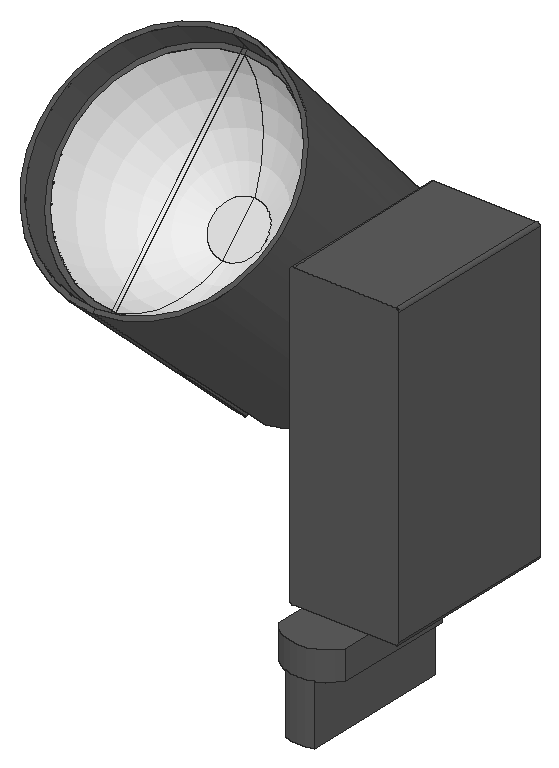
Revit family "0004952 Feilo Sylvania Lighting Fixture START TRACK SPOT L DALI 3562LM 940 WB BLK", category Lighting Fixtures, host Face, Revit 2017 (continued)
Definition of nested family "Start Track Spot Head"
  Types (96, lengths in mm): name | Wattage | built-in parameter 1150134 | Photometric Web File | Model | built-in parameter 1150105 | Lumens | built-in parameter 1150107 | built-in parameter 1150106 | HeadThickness_FEILO | HeadRibOffset_FEILO | HeadRibDepth_FEILO | HeadRibCutWidth_FEILO | HeadRibCutOffset_FEILO | HeadReflectorRadius_FEILO | HeadReflectorOffset_FEILO | HeadLEDRadius_FEILO | HeadHeight_FEILO | HeadDiffusorOffset_FEILO | HeadDiaOut_FEILO | HeadDiaIn_FEILO | HeadAxisFromTop_FEILO | Emit from Circle Diameter | built-in parameter 1150104 | Description | Apparent Load
    0004812 START TRACK SPOT S 14W 3K RA80 MB WHITE | 14 W | (empty or 0) | "0004812.ies" | "START TRACK SPOT S 14W 3K RA80 MB WHITE" | 120.32 (stored number, unit not read) | 1512 lm | 3000 (stored number, unit not read) | 1.2032 (stored number, unit not read) | 1.5 | 4.179 | 55.714 | 7.167 | 50.87 | 50.588 | 55.714 | 9.556 | 117 | 9.435 | 86 | 77.477 | 69.354 | 77.477 | 10.034 (stored number, unit not read) | "Integrated LED spotlight, Textured White - RAL9016, compact and minimalist design, ideal for retail applications, die-cast aluminium body, passive cooling heatsink. Beam angle: 36°, color temperature: 3000K , total system power: 14W, total fixture output: 1508 lm, LOR: 100%, colour rendering: Ra: 80 typical, LED Chromaticity: 3 step MacAdam ellipse, lifetime: >50000 hours at L70B50, energy class: A++, A+, A, IR/UV free light source without heat radiation, operating voltage: 220-240V / 50-60Hz, drive current: 350mA, electronic driver, non-dimmable, power factor: 0.92, electrical protection: Class II, Global Track 3 Phase adapter suitable for Global trac 3-circuit tracks, ingress protection rating: IP20, suitable for internal environment only, horizontal rotation: 355°, vertical tilt: 90°, dimensions: Ø86x140x200, weight: 0.940kg." | 14 VA
    0004811 START TRACK SPOT S 14W 3K RA80 NB WHITE | 14 W | (empty or 0) | "0004811.ies" | "START TRACK SPOT S 14W 3K RA80 NB WHITE" | 123.66 (stored number, unit not read) | 1554 lm | 3000 (stored number, unit not read) | 1.2366 (stored number, unit not read) | 1.5 | 4.179 | 55.714 | 7.167 | 50.87 | 50.588 | 55.714 | 9.556 | 117 | 9.435 | 86 | 77.477 | 69.354 | 77.477 | 10.312 (stored number, unit not read) | "Integrated LED spotlight, Textured White - RAL9016, compact and minimalist design, ideal for retail applications, die-cast aluminium body, passive cooling heatsink. Beam angle: 12°, color temperature: 3000K , total system power: 14W, total fixture output: 1551 lm, LOR: 100%, colour rendering: Ra: 80 typical, LED Chromaticity: 3 step MacAdam ellipse, lifetime: >50000 hours at L70B50, energy class: A++, A+, A, IR/UV free light source without heat radiation, operating voltage: 220-240V / 50-60Hz, drive current: 350mA, electronic driver, non-dimmable, power factor: 0.92, electrical protection: Class II, Global Track 3 Phase adapter suitable for Global trac 3-circuit tracks, ingress protection rating: IP20, suitable for internal environment only, horizontal rotation: 355°, vertical tilt: 90°, dimensions: Ø86x140x200, weight: 0.940kg." | 14 VA
  Reference planes
    plane 1 "Center (Front/Back)": y = 0
    plane 2: z = 0
    plane 3 "Center (Left/Right)": x = 0
    plane 4: x = 43
    plane 5: x = -43
    plane 6: x = -38.739
    plane 7: x = 38.739
    plane 8: z = 69.354
    plane 9: z = -47.646
    plane 10: x = -41.5
    plane 11: x = -37.239
    plane 12: z = -38.211
    plane 13: z = -35.211
    plane 14: z = 8.068
    plane 15: x = -9.556
    plane 16: x = -28.667
    plane 17: x = -19.111
    plane 18: x = -27.167
    plane 19: x = -17.611
    plane 20: x = -8.056
    plane 21: z = 13.64
    plane 22: x = -29.667
    plane 23: x = -26.167
    plane 24: x = -20.111
    plane 25: x = -16.611
    plane 26: x = -10.556
    plane 27: x = -7.056
    plane 28: x = -36.239
    plane 29: x = -40.5
    plane 30: z = 65.175
    plane 31: z = 60.997
    plane 32: z = 56.818
    plane 33: z = 18.484
    plane 34: y = -43
    plane 35: y = 43
    plane 36: y = 3.583
    plane 37: y = -3.583
    plane 38: y = -2.583
    plane 39: y = 2.583
    plane 40: y = 46
    plane 41: z = 13.5
    plane 42: z = -13.5
    plane 43: y = 39
    plane 44: x = 4.708
    plane 45: x = -2.458
    plane 46: x = -1.458
    plane 47: x = 1.458
  Forms (mm)
    Extrusion 1, solid
      sketch origin (4.2, 0, 0) x (1, 0, 0) y (0, 1, 0)
        loop
          line (-1219.2, 1219.2) -> (-1219.2, -1219.2) -> (1219.2, -1219.2) -> (1219.2, 1219.2) -> (-1219.2, 1219.2)
      from 0 to -68.017
    Revolve 2, solid, material <- "Material_1_FEILO", detail levels medium+fine
      sketch origin (0, 0, 0) x (1, 0, 0) y (0, 0, 1)
        loop
          line (-43, -47.646) -> (-41.5, -47.646) -> (-40.5, -35.211) -> (-38.739, -35.211)
          arc (-38.739, -35.211) -> (-30.16, -9.517) -> (-9.556, 8.068) r 50.588
          line (-9.556, 8.068) -> (0, 8.068) -> (0, 13.64) -> (-16.611, 13.64) -> (-17.611, 60.997) -> (-19.111, 60.997) -> (-20.111, 13.64) -> (-36.239, 13.64) -> (-37.239, 69.354) -> (-38.739, 69.354) -> (-43, -47.646)
        axis (0, 69.354) -> (0, -47.646)
      angle from 360 to 0
    Extrusion 3, void
      sketch origin (0, 0, 0) x (0, 1, 0) y (0, 0, 1)
        loop
          line (-3.583, 69.354) -> (-2.583, 18.484) -> (1.932, 18.484) -> (2.932, 69.354) -> (-3.583, 69.354)
      from 43 to -43
    Revolve 4, solid, material <- "Material_2_FEILO", detail levels medium+fine
      sketch origin (0, 0, 0) x (1, 0, 0) y (0, 0, 1)
        loop
          line (-41.5, -38.211) -> (0, -38.211) -> (0, -35.211) -> (-41.5, -35.211) -> (-41.5, -38.211)
        axis (0, -35.211) -> (0, -38.211)
      angle from 360 to 0
    Revolve 5, solid, material <- "Material_1_FEILO"
      sketch origin (0, 0, 0) x (0, 1, 0) y (0, 0, 1)
        loop
          line (46, 0) -> (39, 0) -> (39, -13.5) -> (46, -13.5) -> (46, 0)
        axis (39, 0) -> (46, 0)
      angle from 360 to 0
    Revolve 6, solid, material <- "Material_1_FEILO", detail levels medium+fine
      sketch origin (0, 0, 0) x (1, 0, 0) y (0, 0, 1)
        loop
          line (-29.667, 13.64) -> (-26.167, 13.64) -> (-27.167, 65.175) -> (-28.667, 65.175) -> (-29.667, 13.64)
        loop
          line (-10.556, 13.64) -> (-7.056, 13.64) -> (-7.833, 56.818) -> (-9.778, 56.818) -> (-10.556, 13.64)
        axis (0, 65.175) -> (0, 13.64)
      angle from 360 to 0
    Extrusion 7, void
      sketch origin (0, 0, 0) x (1, 0, 0) y (0, 0, 1)
        loop
          line (4.708, 69.354) -> (-2.458, 69.354) -> (-1.458, 13.64) -> (1.458, 13.64) -> (4.708, 69.354)
      from -43 to 43
    Revolve 8, solid, material <- "Material_1_FEILO", detail levels coarse
      sketch origin (0, 0, 0) x (1, 0, 0) y (0, 0, 1)
        loop
          line (0, 69.354) -> (-38.739, 69.354) -> (-43, -47.646) -> (-41.5, -47.646) -> (-40.731, -38.211) -> (0, -38.211) -> (0, 69.354)
        axis (0, 69.354) -> (0, -47.646)
      angle from 360 to 0
  Cuts and joins
    Extrusion 3 cuts Revolve 2
    Extrusion 7 cuts Revolve 6
  Dimensions and locks
    equal spacing: plane 7, plane 3 "Center (Left/Right)", plane 6
    equal spacing: plane 4, plane 3 "Center (Left/Right)", plane 5
    "HeadDiaOut_FEILO": plane 4 to plane 5
    "HeadDiaIn_FEILO": plane 7 to plane 6
    "HeadHeight_FEILO": plane 8 to plane 9
    "HeadThickness_FEILO": plane 10 to plane 5
    "HeadThickness_FEILO": plane 11 to plane 6
    "HeadDiffusorOffset_FEILO": plane 12 to plane 9
    "HeadDiffusorThickness_FEILO": plane 13 to plane 12
    "HeadReflectorOffset_FEILO": plane 14 to plane 9
    "HeadLEDRadius_FEILO": plane 3 "Center (Left/Right)" to plane 15
    "HeadLEDRadius_FEILO": plane 15 to plane 17
    "HeadLEDRadius_FEILO": plane 17 to plane 16
    "HeadThickness_FEILO": plane 18 to plane 16
    "HeadThickness_FEILO": plane 19 to plane 17
    "HeadThickness_FEILO": plane 20 to plane 15
    "HeadRibDepth_FEILO": plane 8 to plane 21
    "HeadDraft_FEILO": plane 16 to plane 22
    "HeadDraft_FEILO": plane 23 to plane 18
    "HeadDraft_FEILO": plane 17 to plane 24
    "HeadDraft_FEILO": plane 25 to plane 19
    "HeadDraft_FEILO": plane 15 to plane 26
    "HeadDraft_FEILO": plane 27 to plane 20
    "HeadDraft_FEILO": plane 29 to plane 10
    "HeadDraft_FEILO": plane 28 to plane 11
    "HeadRibOffset_FEILO": plane 8 to plane 30
    "HeadRibOffset_FEILO": plane 30 to plane 31
    "HeadRibOffset_FEILO": plane 31 to plane 32
    "HeadAxisFromTop_FEILO": plane 8 to plane 2
    "HeadRibCutOffset_FEILO": plane 8 to plane 33
    equal spacing: plane 34, plane 1 "Center (Front/Back)", plane 35
    "HeadDiaOut_FEILO": plane 34 to plane 35
    equal spacing: plane 38, plane 1 "Center (Front/Back)", plane 39
    equal spacing: plane 37, plane 1 "Center (Front/Back)", plane 36
    "HeadRibCutWidth_FEILO": plane 37 to plane 36
    "HeadDraft_FEILO": plane 37 to plane 38
    locked: plane 35 to plane 40 at 3
    equal spacing: plane 41, plane 2, plane 42
    locked: plane 42 to plane 41 at 27
    locked: plane 43 to plane 35 at 4
    equal spacing: plane 45, imposter light, plane 44
    "HeadDraft_FEILO": plane 46 to plane 45
    "HeadRibCutWidth_FEILO": plane 44 to plane 45
    equal spacing: plane 47, plane 3 "Center (Left/Right)", plane 46
    "HeadReflectorRadius_FEILO": radius of Revolve 2 sketch curve
    aligned and locked: plane 2 to Extrusion 1
    aligned and locked: level to Extrusion 1
    aligned and locked: Revolve 2 sketch curve to plane 3 "Center (Left/Right)"  (x2)
    aligned and locked: plane 9 to Revolve 2 sketch curve  (x2)
    aligned and locked: plane 5 to Revolve 2 sketch curve
    aligned and locked: plane 10 to Revolve 2 sketch curve
    aligned and locked: plane 14 to Revolve 2 sketch curve
    aligned and locked: plane 8 to Revolve 2 sketch curve
    aligned and locked: Revolve 2 sketch curve to plane 13
    aligned and locked: plane 12 to Revolve 4 sketch curve
    aligned and locked: plane 3 "Center (Left/Right)" to Revolve 4 sketch curve
    aligned and locked: Revolve 4 sketch curve to plane 10
    aligned and locked: Revolve 4 sketch curve to plane 3 "Center (Left/Right)"
    aligned and locked: plane 12 to imposter light
    aligned and locked: imposter light to plane 1 "Center (Front/Back)"
    aligned and locked: Revolve 5 sketch curve to plane 2
    aligned and locked: plane 43 to Revolve 5 sketch curve
    aligned and locked: plane 42 to Revolve 5 sketch curve
    aligned and locked: Revolve 6 sketch curve to plane 3 "Center (Left/Right)"
    aligned and locked: plane 22 to Revolve 6 sketch curve
    aligned and locked: plane 30 to Revolve 6 sketch curve
    aligned and locked: plane 23 to Revolve 6 sketch curve
    aligned and locked: Revolve 6 sketch curve to plane 21  (x2)
    aligned and locked: plane 21 to Revolve 6 sketch curve
    aligned and locked: plane 17 to Revolve 2 sketch curve
    aligned and locked: plane 19 to Revolve 2 sketch curve
    aligned and locked: plane 31 to Revolve 2 sketch curve
    aligned and locked: plane 21 to Revolve 2 sketch curve
    aligned and locked: Extrusion 3 to plane 8
    aligned and locked: plane 33 to Extrusion 3
    aligned and locked: plane 8 to Extrusion 3 sketch curve
    aligned and locked: Extrusion 3 sketch curve to plane 33
    aligned and locked: Extrusion 3 to plane 5
    aligned and locked: plane 4 to Extrusion 3
    aligned and locked: plane 32 to Revolve 6 sketch curve
    aligned and locked: plane 44 to Extrusion 7 sketch curve
    aligned and locked: Extrusion 7 sketch curve to plane 8
    aligned and locked: plane 46 to Extrusion 7 sketch curve
    aligned and locked: plane 21 to Extrusion 7 sketch curve
    aligned and locked: plane 34 to Extrusion 7
    aligned and locked: Extrusion 7 to plane 35
    aligned and locked: Revolve 4 sketch curve to plane 13
    aligned and locked: Revolve 5 sketch curve to plane 40
    aligned and locked: Revolve 8 sketch curve to plane 3 "Center (Left/Right)"
    aligned and locked: Revolve 8 sketch curve to cut or joined group of Revolve 2, Extrusion 3  (x3)
    aligned and locked: plane 5 to Revolve 8 sketch curve
    aligned and locked: plane 3 "Center (Left/Right)" to Revolve 8 sketch curve
    aligned and locked: plane 12 to Revolve 8 sketch curve
  Automatic sketch dimensions
    Extrusion 1 sketch curve to Extrusion 1 sketch curve = 2438.4 mm  (x2)
    Extrusion 3 sketch curve to plane 37 = 0 mm
    Extrusion 3 sketch curve to plane 38 = 0 mm
    plane 39 to Extrusion 3 sketch curve = 0.651 mm
    Extrusion 3 sketch curve to plane 39 = 0.349 mm
    Revolve 6 sketch curve to plane 16 = 0 mm
    Revolve 6 sketch curve to plane 18 = 0 mm
    Revolve 6 sketch curve to plane 26 = 0 mm
    Revolve 6 sketch curve to plane 27 = 0 mm
    Revolve 6 sketch curve to plane 15 = 0.222 mm
    plane 9 to Revolve 6 sketch curve = 559.103 mm
    Revolve 6 sketch curve to plane 8 = 2535.555 mm
    plane 20 to Revolve 6 sketch curve = 0.222 mm
    Revolve 2 sketch curve to plane 29 = 0 mm
    Revolve 2 sketch curve to plane 6 = 0 mm  (x2)
    Revolve 2 sketch curve to plane 11 = 0 mm
    Revolve 2 sketch curve to plane 21 = 0 mm
    Revolve 2 sketch curve to plane 28 = 0 mm
    Revolve 2 sketch curve to plane 24 = 0 mm
    Revolve 2 sketch curve to plane 25 = 0 mm
    Revolve 2 sketch curve to plane 15 = 0 mm
    Revolve 2 sketch curve to Revolve 2 sketch curve = 557.155 mm
    Revolve 2 sketch curve to plane 8 = 2535.558 mm
    Extrusion 7 sketch curve to plane 45 = 0 mm
    Extrusion 7 sketch curve to plane 47 = 0 mm
    plane 9 to Revolve 4 sketch curve = 559.103 mm
    Revolve 4 sketch curve to plane 8 = 2535.555 mm
    Revolve 5 sketch curve to level = 0 mm
    plane 34 to Revolve 5 sketch curve = 1968.092 mm
    Revolve 5 sketch curve to plane 40 = 1405.763 mm
    Revolve 8 sketch curve to plane 6 = 0 mm
    Revolve 8 sketch curve to plane 29 = 0.231 mm
    plane 9 to Revolve 8 sketch curve = 559.103 mm
    Revolve 8 sketch curve to Revolve 8 sketch curve = 2535.555 mm
Definition of nested family "Start Track Spot Box"
  Parameters (values of type "Type Large White")
    URL = "http://www.feilosylvania.com"
    Type Image = (empty or 0)
    Type Comments = "n/a"
    Small_FEILO = no
    Material_3_FEILO = none
    Model = ""
    Manufacturer = "Feilo Sylvania"
    Keynote = ""
    Material_2_FEILO = none
    Description = ""
    Default Elevation = 1219.2 mm
    Cost = 0
    Material_1_FEILO = none
    BoxWidth_FEILO = 49 mm
    BoxStartAngle_FEILO [instance] = 0.00°
    BoxRadius_FEILO = 1.5 mm
    BoxHeight_FEILO = if(Small_FEILO, 112 mm, 136 mm)  # 136 mm
    BoxEndAngle_FEILO [instance] = BoxStartAngle_FEILO - 180.00°  # -180.00°
    BoxDepth_FEILO = if(Small_FEILO, 71.5 mm, 79 mm)  # 79 mm
    BoxAxisVerticalOffset_FEILO = 16 mm
    BoxAxisOffset_FEILO = BoxHeight_FEILO / 6.8  # 20 mm
    Assembly Code = ""
    Material_4_FEILO = none
  Types (4, lengths in mm): name | Small_FEILO | BoxHeight_FEILO | BoxDepth_FEILO | BoxAxisOffset_FEILO
    Type Large White | no | 136 | 79 | 20
    Type Small White | yes | 112 | 71.5 | 16.471
    Type Small Black | yes | 112 | 71.5 | 16.471
    Type Large Black | no | 136 | 79 | 20
  Reference planes
    plane 1 "Center (Front/Back)": y = 0
    plane 2: z = 0
    plane 3 "Center (Left/Right)": x = 0
    plane 4: x = 24.5
    plane 5: x = -24.5
    plane 6: y = 68
    plane 7: y = -68
    plane 8: z = 39.5
    plane 9: z = -39.5
    plane 10: y = -48
    plane 11: x = 30.5
    plane 12: x = 8.5
    plane 13: x = 21.5
    plane 14: y = 70
    plane 15: y = 72
    plane 16: x = 19.5
  Forms (mm)
    Extrusion 1, solid
      sketch origin (4.2, 0, 0) x (1, 0, 0) y (0, 1, 0)
        loop
          line (-1219.2, 1219.2) -> (-1219.2, -1219.2) -> (1219.2, -1219.2) -> (1219.2, 1219.2) -> (-1219.2, 1219.2)
      from 0 to -68.017
    Extrusion 2, solid, material <- "Material_1_FEILO"
      sketch origin (0, 0, 0) x (1, 0, 0) y (0, 1, 0)
        loop
          arc (-23, 68) -> (-24.061, 67.561) -> (-24.5, 66.5) r 1.5
          line (-24.5, 66.5) -> (-24.5, -66.5)
          arc (-24.5, -66.5) -> (-24.061, -67.561) -> (-23, -68) r 1.5
          line (-23, -68) -> (23, -68)
          arc (23, -68) -> (24.061, -67.561) -> (24.5, -66.5) r 1.5
          line (24.5, -66.5) -> (24.5, 66.5)
          arc (24.5, 66.5) -> (24.061, 67.561) -> (23, 68) r 1.5
          line (23, 68) -> (-23, 68)
      from -39.5 to 39.5
    Revolve 3, solid, not visible
      sketch origin (0, 0, 0) x (1, 0, 0) y (0, 1, 0)
        loop
          line (30.5, -48) -> (24.5, -48) -> (24.5, -68) -> (30.5, -68) -> (30.5, -48)
        axis (30.5, -48) -> (24.5, -48)
      angle from 0 <- "BoxStartAngle_FEILO" to -180 <- "BoxEndAngle_FEILO"
    Revolve 4, solid, material <- "Material_2_FEILO"
      sketch origin (0, 0, 0) x (1, 0, 0) y (0, 1, 0)
        loop
          line (8.5, 68) -> (19.5, 68) -> (19.5, 70) -> (21.5, 70) -> (21.5, 72) -> (8.5, 72) -> (8.5, 68)
        axis (8.5, 72) -> (8.5, 68)
      angle from 360 to 0
  Dimensions and locks
    equal spacing: plane 5, plane 3 "Center (Left/Right)", plane 4
    "BoxWidth_FEILO": plane 5 to plane 4
    equal spacing: plane 7, plane 1 "Center (Front/Back)", plane 6
    "BoxHeight_FEILO": plane 7 to plane 6
    equal spacing: plane 8, plane 2, plane 9
    "BoxDepth_FEILO": plane 8 to plane 9
    "BoxAxisOffset_FEILO": plane 7 to plane 10
    locked: plane 4 to plane 11 at 6
    "BoxAxisVerticalOffset_FEILO": plane 12 to plane 4
    locked: plane 12 to plane 13 at 13
    plane 6 to plane 14 to plane 15 = 2 mm locked, 2 mm locked
    locked: plane 12 to plane 16 at 11
    "BoxRadius_FEILO": radius of Extrusion 2 sketch curve  (x4)
    aligned and locked: plane 2 to Extrusion 1
    aligned and locked: level to Extrusion 1
    aligned and locked: plane 6 to Extrusion 2 sketch curve
    aligned and locked: plane 5 to Extrusion 2 sketch curve
    aligned and locked: Extrusion 2 sketch curve to plane 7
    aligned and locked: Extrusion 2 sketch curve to plane 4
    aligned and locked: Extrusion 2 to plane 8
    aligned and locked: plane 9 to Extrusion 2
    aligned and locked: Revolve 3 sketch curve to plane 10  (x2)
    aligned and locked: plane 11 to Revolve 3 sketch curve
    aligned and locked: Revolve 3 sketch curve to plane 4
    aligned and locked: plane 7 to Revolve 3 sketch curve
    aligned and locked: Revolve 4 sketch curve to plane 12
    aligned and locked: plane 6 to Revolve 4 sketch curve
    aligned and locked: plane 12 to Revolve 4 sketch curve
    aligned and locked: plane 15 to Revolve 4 sketch curve
    aligned and locked: Revolve 4 sketch curve to plane 13
    aligned and locked: Revolve 4 sketch curve to plane 14
    aligned and locked: Revolve 4 sketch curve to plane 16
    aligned and locked: Revolve 4 sketch curve to plane 6
  Automatic sketch dimensions
    Extrusion 1 sketch curve to Extrusion 1 sketch curve = 2438.4 mm  (x2)
    Revolve 3 sketch curve to plane 5 = 1499.5 mm
    plane 11 to Revolve 3 sketch curve = 1493.5 mm
    plane 15 to Revolve 4 sketch curve = 0 mm
    plane 7 to Revolve 4 sketch curve = 1456 mm
    Revolve 4 sketch curve to plane 15 = 1452 mm
